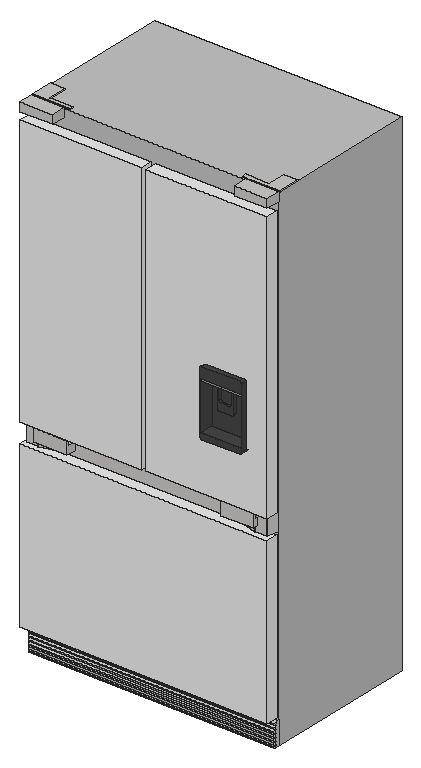
Revit family "FP_Revit_18_RS90AU1_Fridge_90001177A", category Specialty Equipment, Revit 2018
Family settings
  Round Connector Dimension = Use Diameter
  Part Type = Normal
  OmniClass Number = 23.40.40.11.11.17
  OmniClass Title = Refrigerator-Freezer
  Work Plane-Based = No
  Always vertical = Yes
  Cut with Voids When Loaded = Yes
  Shared = No
  Room Calculation Point = No
Parameters
  Visibility - Water Dispenser = yes
  Visibility - Visibility Control Note = yes
  Visibility - Clearance Required = yes
  URL = "www.fisherpaykel.com"
  Stainless Steel Door Panels (RD90AU) = no
  Product - Width = 906 mm  # constant formula
  Product - Height = 1798 mm  # constant formula
  Product - Depth = 604 mm  # constant formula
  Model = "RS90AU1"
  Material - Trim = Fisher & Paykel - Stainless Steel
  Material - Rollers and Feet = Fisher & Paykel - Black
  Material - Door Structure = Fisher & Paykel - White
  Material - Door Front = Fisher & Paykel - Stainless Steel
  Material - Connections = Fisher & Paykel - Black
  Material - Body = Fisher & Paykel - Grey
  Manufacturer = "Fisher & Paykel Appliances"
  Handle Style - Contemporary Square Fine Black (AHD5RD90AB) = no
  Handle Style - Contemporary Square Fine (AHD5RD90A) = no
  Handle Style - Contemporary Square (RS90A) = no
  Handle Style - Contemporary Round (25329 AHS-ASBI-A) = no
  Description = "90cm Integrated French Door Refrigerator Freezer, Ice & Water"
  Connector Description - Water = "13mm (1/2\") or 19mm (3/4\") BSP threaded water connection 6.35mm LLDPE tubing"
  Connector Description - Electrical = "230 V, 10 A, fused electrical supply"
  Chassis - Width = 890 mm  # constant formula
  Chassis - Height = 1788 mm  # constant formula
  Chassis - Depth = 561.4 mm  # constant formula
  Cavity - Width = 914 mm  # constant formula
  Cavity - Height = 1800 mm  # constant formula
  Cavity - Depth = 650 mm  # constant formula
Reference planes
  plane 1 "Center (Front/Back)": y = 0
  plane 2: z = 0
  plane 3 "Center (Left/Right)": x = 0
  plane 4 "Product LHS": x = -453
  plane 5 "Product RHS": x = 453
  plane 6 "Cavity - Depth": y = 650
  plane 7 "Cavity LHS": x = -457
  plane 8 "Cavity RHS": x = 457
  plane 9 "Product - Depth": y = 622
  plane 10 "Product Height": z = 1798
  plane 11 "Cavity Height": z = 1800
  plane 12 "Datum": y = 18
Forms (mm)
  Extrusion 1, solid, material "Fisher & Paykel - Grey" <- "Material - Body"
    sketch origin (0, 0, 0) x (0, 1, 0) y (0, 0, 1)
      loop
        line (68.89, 6.6) -> (622, 6.6) -> (622, 1794.6) -> (68.89, 1794.6) -> (68.89, 6.6)
    from -445 to 445
  Extrusion 2, void
    sketch origin (-955, 0, 0) x (1, 0, 0) y (0, 0, 1)
      loop
        arc (1180.35, 1186.03) -> (1174.693, 1183.687) -> (1172.35, 1178.03) r 8
        line (1172.35, 1178.03) -> (1172.35, 958.43)
        arc (1172.35, 958.43) -> (1174.693, 952.773) -> (1180.35, 950.43) r 8
        line (1180.35, 950.43) -> (1314.85, 950.43)
        arc (1314.85, 950.43) -> (1320.507, 952.773) -> (1322.85, 958.43) r 8
        line (1322.85, 958.43) -> (1322.85, 1178.03)
        arc (1322.85, 1178.03) -> (1320.507, 1183.687) -> (1314.85, 1186.03) r 8
        line (1314.85, 1186.03) -> (1180.35, 1186.03)
    from -54.957 to 0
  Extrusion 3, solid, material "Fisher & Paykel - Black" <- "Material - Rollers and Feet"
    sketch origin (0, 0, -4) x (0, 1, 0) y (0, 0, 1)
      loop
        arc (120.09, 10.6) -> (136.133, 4) -> (152.177, 10.6) r 22.8
        line (152.177, 10.6) -> (120.09, 10.6)
      loop
        arc (555.39, 10.6) -> (571.433, 4) -> (587.477, 10.6) r 22.8
        line (587.477, 10.6) -> (555.39, 10.6)
    from 402 to 429
  Extrusion 4, solid, material "Fisher & Paykel - Clearance Required", visible <- "Visibility - Clearance Required", detail levels coarse
    sketch origin (0, 0, 0) x (0, 1, 0) y (0, 0, 1)
      loop
        line (-0.043, 696.43) -> (-359.921, 696.43) -> (-359.921, 631.801) -> (-401.921, 631.801) -> (-401.921, 615.801) -> (-359.921, 615.801) -> (-359.921, 100.03) -> (-0.043, 100.03) -> (-0.043, 696.43)
    from -453 to 453
  Extrusion 5, solid, material "Fisher & Paykel - White" <- "Material - Door Structure"
    sketch origin (0, 0, 0) x (1, 0, 0) y (0, 0, 1)
      loop
        line (-7.74, 1737.6) -> (-445, 1737.6) -> (-445, 763.6) -> (-7.74, 763.6) -> (-7.74, 1737.6)
      loop
        line (7.74, 1737.6) -> (7.74, 763.6) -> (445, 763.6) -> (445, 1737.6) -> (7.74, 1737.6)
      loop
        line (-445, 693.1) -> (-445, 101.1) -> (445, 101.1) -> (445, 693.1) -> (-445, 693.1)
    from -60.6 to -18
  Extrusion 6, solid, material "Fisher & Paykel - White" <- "Material - Door Structure"
    sketch origin (0, 0, 0) x (1, 0, 0) y (0, 0, 1)
      loop
        line (-434.6, 685.2) -> (-434.6, 109) -> (434.6, 109) -> (434.6, 685.2) -> (-434.6, 685.2)
      loop
        line (-13.88, 776) -> (-13.88, 1722.7) -> (-434.58, 1722.7) -> (-434.58, 776) -> (-13.88, 776)
      loop
        line (13.88, 776) -> (434.58, 776) -> (434.58, 1722.7) -> (13.88, 1722.7) -> (13.88, 776)
    from -68.89 to -60.552
  Extrusion 7, solid, material "Fisher & Paykel - Stainless Steel" <- "Material - Trim"
    sketch origin (0, -2, 0) x (1, 0, 0) y (0, 1, 0)
      loop
        line (-441.5, 70.89) -> (-434.782, 36.328)
        arc (-434.782, 36.328) -> (-433.745, 34.585) -> (-431.837, 33.9) r 3
        line (-431.837, 33.9) -> (-393.733, 33.9)
        arc (-393.733, 33.9) -> (-391.738, 34.034) -> (-389.779, 34.431) r 15
        line (-389.779, 34.431) -> (-320.032, 53.491) -> (320.032, 53.491) -> (389.779, 34.431)
        arc (389.779, 34.431) -> (391.738, 34.034) -> (393.733, 33.9) r 15
        line (393.733, 33.9) -> (431.837, 33.9)
        arc (431.837, 33.9) -> (433.745, 34.585) -> (434.782, 36.328) r 3
        line (434.782, 36.328) -> (441.5, 70.89) -> (-441.5, 70.89)
    from 696.967 to 759.03
  Extrusion 8, solid, material "Fisher & Paykel - Stainless Steel" <- "Material - Trim"
    sketch origin (0, -2, 0) x (0, 1, 0) y (0, 0, 1)
      loop
        line (20, 762.6) -> (20, 715.3) -> (70.89, 715.3) -> (70.89, 743.6) -> (25, 743.6) -> (25, 762.6) -> (20, 762.6)
    from 276.67 to 395
  Extrusion 9, solid, material "Fisher & Paykel - Stainless Steel" <- "Material - Trim"
    sketch origin (0, -2, 0) x (0, 1, 0) y (0, 0, -1)
      loop
        line (20, -762.6) -> (25, -762.6) -> (25, -743.6) -> (70.89, -743.6) -> (70.89, -715.3) -> (20, -715.3) -> (20, -762.6)
    from 276.67 to 395
  Extrusion 10, solid, material "Fisher & Paykel - Stainless Steel" <- "Material - Trim"
    sketch origin (0, 0, 0) x (1, 0, 0) y (0, 1, 0)
      loop
        line (-327.17, 18) -> (-327.17, 68.89) -> (-445, 68.89) -> (-445, 18) -> (-327.17, 18)
      loop
        line (445, 18) -> (445, 68.89) -> (327.17, 68.89) -> (327.17, 18) -> (445, 18)
    from 1765.6 to 1797.6
  Extrusion 11, solid, material "Fisher & Paykel - Stainless Steel" <- "Material - Trim", detail levels fine
    sketch origin (0, 0, 0) x (1, 0, 0) y (0, 1, 0)
      loop
        line (-445, 154.61) -> (-445, 73.11) -> (-311.45, 73.11) -> (-311.45, 88.11) -> (-394, 88.11) -> (-394, 154.61) -> (-445, 154.61)
      loop
        line (445, 154.61) -> (394.85, 154.61) -> (394.85, 88.11) -> (311.45, 88.11) -> (311.45, 73.11) -> (445, 73.11) -> (445, 154.61)
    from 1794.6 to 1797.6
  Extrusion 12, solid, material "Fisher & Paykel - Black" <- "Material - Rollers and Feet", detail levels fine
    sketch origin (0, 0, -4) x (0, 1, 0) y (0, 0, -1)
      loop
        line (120.09, -10.6) -> (152.177, -10.6)
        arc (152.177, -10.6) -> (136.133, -4) -> (120.09, -10.6) r 22.8
      loop
        line (555.39, -10.6) -> (587.477, -10.6)
        arc (587.477, -10.6) -> (571.433, -4) -> (555.39, -10.6) r 22.8
    from 402 to 429
  Extrusion 13, solid, material "Fisher & Paykel - Stainless Steel" <- "Material - Trim", detail levels fine
    sketch origin (0, -2, 0) x (0, 1, 0) y (0, 0, 1)
      loop
        line (24.91, 101.1) -> (24.91, 94.1) -> (50.15, 94.1) -> (50.15, 101.1) -> (24.91, 101.1)
    from -20.67 to 20.7
  Extrusion 14, solid, material "Fisher & Paykel - Stainless Steel" <- "Material - Trim", detail levels fine
    sketch origin (0, -2, 0) x (0, 1, 0) y (0, 0, 1)
      loop
        line (70.89, 90.613) -> (53.491, 85.951) -> (53.491, 81.639) -> (61.43, 81.639) -> (61.43, 75.465) -> (53.491, 73.338) -> (53.491, 69.031) -> (61.43, 69.031) -> (61.43, 62.857) -> (53.491, 60.73) -> (53.491, 56.423) -> (61.43, 56.423) -> (61.43, 50.254) -> (53.491, 48.127) -> (53.491, 43.821) -> (61.43, 43.821) -> (61.43, 37.652) -> (53.491, 35.525) -> (53.491, 31.218) -> (61.43, 31.218) -> (61.43, 25.049) -> (53.491, 22.922) -> (53.491, 18.585) -> (61.43, 18.585) -> (61.43, 12.447) -> (53.491, 10.32) -> (53.491, 6.6) -> (70.89, 6.6) -> (70.89, 90.613)
    from -445 to 445
  Extrusion 15, solid, material "Fisher & Paykel - Stainless Steel" <- "Material - Trim", detail levels coarse+medium
    sketch origin (0, -2, 0) x (0, 1, 0) y (0, 0, 1)
      loop
        line (70.89, 90.613) -> (53.491, 85.951) -> (53.491, 6.6) -> (70.89, 6.6) -> (70.89, 90.613)
    from -445 to 445
  Extrusion 16, void
    sketch origin (0, -2000, 0) x (1, 0, 0) y (0, 1, 0)
      loop
        line (-386.5, 2622) -> (-386.5, 2068.89) -> (386.5, 2068.89) -> (386.5, 2622) -> (-386.5, 2622)
    from 6.6 to 56.423
  Extrusion 17, solid, material "Fisher & Paykel - Stainless Steel" <- "Material - Door Front", visible <- "Stainless Steel Door Panels (RD90AU)"
    sketch origin (0, 0, 0) x (1, 0, 0) y (0, 0, 1)
      loop
        line (-453, 696.43) -> (-453, 100.03) -> (453, 100.03) -> (453, 696.43) -> (-453, 696.43)
      loop
        line (-453, 700.43) -> (-2, 700.43) -> (-2, 1796.43) -> (-453, 1796.43) -> (-453, 700.43)
      loop
        line (2, 1796.43) -> (2, 700.43) -> (453, 700.43) -> (453, 1796.43) -> (2, 1796.43)
    from -18 to 0.043
  Extrusion 18, void
    sketch origin (0, -2, 0) x (1, 0, 0) y (0, 1, 0)
      loop
        arc (445, 57.948) -> (443.695, 54.796) -> (440.543, 53.491) r 4.457
        line (440.543, 53.491) -> (445, 53.491) -> (445, 57.948)
      loop
        line (-445, 57.948) -> (-445, 53.491) -> (-440.543, 53.491)
        arc (-440.543, 53.491) -> (-443.695, 54.796) -> (-445, 57.948) r 4.457
    from 6.6 to 100.03
  Extrusion 19, solid, material "Fisher & Paykel - Clearance Required", visible <- "Visibility - Clearance Required", detail levels coarse
    sketch origin (0, 0, 0) x (1, 0, 0) y (0, 1, 0)
      loop
        line (-457, 650) -> (-457, 18) -> (457, 18) -> (457, 650) -> (-457, 650)
    from 0 to 1800
  Extrusion 20, solid, material "Fisher & Paykel - Clearance Required", visible <- "Visibility - Clearance Required", detail levels coarse
    sketch origin (0, 0, 0) x (1, 0, 0) y (0, 1, 0)
      loop
        line (-453, -0.043) -> (-610.872, -338.602) -> (-647.125, -321.697) -> (-653.73, -335.861) -> (-617.477, -352.766) -> (-643.601, -408.788)
        arc (-643.601, -408.788) -> (-210.678, -380.413) -> (-2, -0.043) r 451
        line (-2, -0.043) -> (-453, -0.043)
      loop
        line (453, -0.043) -> (2, -0.043)
        arc (2, -0.043) -> (210.678, -380.413) -> (643.601, -408.788) r 451
        line (643.601, -408.788) -> (617.477, -352.766) -> (653.73, -335.861) -> (647.125, -321.697) -> (610.872, -338.602) -> (453, -0.043)
    from 700.43 to 1800
  Extrusion 21, void
    sketch origin (0, 0, 0) x (1, 0, 0) y (0, 0, 1)
      loop
        line (275, 69.031) -> (275, 200) -> (0, 200) -> (0, 69.031) -> (275, 69.031)
      loop
        circle (225, 135) r 3
      loop
        circle (50, 135) r 3
    from -622 to -620
  Extrusion 22, void
    sketch origin (0, 0, 0) x (1, 0, 0) y (0, 1, 0)
      loop
        line (-457, 650) -> (-457, 0) -> (457, 0) -> (457, 650) -> (-457, 650)
    from 0 to 1800
Cuts and joins
  Extrusion 16, Extrusion 21 cuts Extrusion 1
  Extrusion 2 cuts Extrusion 17
  Extrusion 2 cuts Extrusion 5
  Extrusion 18 cuts Extrusion 14
  Extrusion 18 cuts Extrusion 15
  joined: Extrusion 7, Extrusion 8, Extrusion 9
Lines and regions (mm)
  model lines, style "Fisher & Paykel"
    curve 1: line (-453, 18, 1796.43) -> (-2, 18, 1796.43)
    curve 2: line (-453, 18, 700.43) -> (-453, 18, 1796.43)
    curve 3: line (-2, 18, 700.43) -> (-453, 18, 700.43)
    curve 4: line (-2, 18, 1796.43) -> (-2, 18, 700.43)
    curve 5: line (2, 18, 700.43) -> (453, 18, 700.43)
    curve 6: line (2, 18, 1796.43) -> (2, 18, 700.43)
    curve 7: line (453, 18, 1796.43) -> (2, 18, 1796.43)
    curve 8: line (453, 18, 700.43) -> (453, 18, 1796.43)
    curve 9: line (-453, 18, 696.43) -> (453, 18, 696.43)
    curve 10: line (-453, 18, 100.03) -> (-453, 18, 696.43)
    curve 11: line (453, 18, 100.03) -> (-453, 18, 100.03)
    curve 12: line (453, 18, 696.43) -> (453, 18, 100.03)
Text (mm)
  text "Due to ongoing product development, product details are subject to change without notice. \nPlease always refer to www.fisherpaykel.com for the most current product information. \n© Fisher & Paykel 2020" at (41.04, -527.568, 0), in view "Ref. Level (Plan)"
Dimensions and locks
  equal spacing: plane 4 "Product LHS", plane 3 "Center (Left/Right)", plane 5 "Product RHS"
  "Product - Width": plane 4 "Product LHS" to plane 5 "Product RHS"
  "Cavity - Depth": plane 1 "Center (Front/Back)" to plane 6 "Cavity - Depth"
  equal spacing: plane 7 "Cavity LHS", plane 3 "Center (Left/Right)", plane 8 "Cavity RHS"
  "Cavity - Width": plane 7 "Cavity LHS" to plane 8 "Cavity RHS"
  "Product - Height": level to plane 10 "Product Height"
  "Cavity - Height": plane 11 "Cavity Height" to level
  Extrusion 2 sketch curve to plane 3 "Center (Left/Right)" = 367.85 mm
  Extrusion 2 sketch curve to Extrusion 2 sketch curve = 235.6 mm
  Extrusion 2 sketch curve to level = 950.43 mm
  Extrusion 2 sketch curve to Extrusion 2 sketch curve = 150.5 mm
  "Chassis - Height": Extrusion 1 to Extrusion 1
  nested 1 to Extrusion 1 = 1179.43 mm
  Extrusion 13 to Extrusion 15 = 94.5 mm
  locked: plane 1 "Center (Front/Back)" to plane 12 "Datum" at 18
  "Chassis - Depth": cut or joined group of Extrusion 2, Extrusion 5 to plane 9 "Product - Depth"
  "Product - Depth": plane 9 "Product - Depth" to plane 12 "Datum"
  equal spacing: cut or joined group of Extrusion 1, Extrusion 16, Extrusion 21, plane 3 "Center (Left/Right)", cut or joined group of Extrusion 1, Extrusion 16, Extrusion 21  (x2)
  "Chassis - Width": cut or joined group of Extrusion 1, Extrusion 16, Extrusion 21 to cut or joined group of Extrusion 1, Extrusion 16, Extrusion 21
  aligned and locked: level to plane 2
  aligned and locked: Extrusion 18 to Extrusion 3
  aligned and locked: plane 9 "Product - Depth" to Extrusion 1
  aligned and locked: cut or joined group of Extrusion 1, Extrusion 16, Extrusion 21 to Extrusion 14
  aligned and locked: cut or joined group of Extrusion 1, Extrusion 16, Extrusion 21 to Extrusion 15
  aligned and locked: Extrusion 15 to cut or joined group of Extrusion 1, Extrusion 16, Extrusion 21
  aligned and locked: Extrusion 14 to cut or joined group of Extrusion 1, Extrusion 16, Extrusion 21
  aligned and locked: Extrusion 11 sketch curve to cut or joined group of Extrusion 1, Extrusion 16, Extrusion 21
  aligned and locked: Extrusion 5 sketch curve to cut or joined group of Extrusion 1, Extrusion 16, Extrusion 21  (x2)
  aligned and locked: Extrusion 5 sketch curve to Extrusion 5 sketch curve
  aligned and locked: cut or joined group of Extrusion 1, Extrusion 16, Extrusion 21 to Extrusion 5 sketch curve
  aligned and locked: Extrusion 18 sketch curve to cut or joined group of Extrusion 14, Extrusion 18
  aligned and locked: Extrusion 10 to Extrusion 18 sketch curve
  aligned and locked: Extrusion 18 sketch curve to Extrusion 10
  aligned and locked: plane 9 "Product - Depth" to Extrusion 21
Automatic sketch dimensions
  Extrusion 1 sketch curve to plane 9 "Product - Depth" = 0 mm
  level to Extrusion 1 sketch curve = 6.6 mm
  Extrusion 1 sketch curve to plane 12 "Datum" = 50.89 mm
  plane 10 "Product Height" to Extrusion 1 sketch curve = 3.4 mm
  Extrusion 2 sketch curve to Extrusion 2 sketch curve = 8 mm  (x4)
  level to Extrusion 3 sketch curve = 6.6 mm  (x2)
  Extrusion 3 sketch curve to plane 12 "Datum" = 102.09 mm
  Extrusion 3 sketch curve to Extrusion 3 sketch curve = 16.044 mm  (x2)
  Extrusion 3 sketch curve to plane 9 "Product - Depth" = 66.61 mm
  level to Extrusion 3 sketch curve = 22.8 mm  (x2)
  plane 1 "Center (Front/Back)" to Extrusion 4 sketch curve = 401.921 mm
  Extrusion 4 sketch curve to Extrusion 4 sketch curve = 42 mm
  level to Extrusion 4 sketch curve = 100.03 mm
  plane 1 "Center (Front/Back)" to Extrusion 4 sketch curve = 359.921 mm
  plane 1 "Center (Front/Back)" to Extrusion 4 sketch curve = 0.043 mm
  Extrusion 4 sketch curve to Extrusion 4 sketch curve = 515.771 mm
  Extrusion 4 sketch curve to Extrusion 4 sketch curve = 16 mm
  Extrusion 4 sketch curve to Extrusion 4 sketch curve = 64.629 mm
  Extrusion 5 sketch curve to plane 3 "Center (Left/Right)" = 7.74 mm
  plane 3 "Center (Left/Right)" to Extrusion 5 sketch curve = 7.74 mm
  level to Extrusion 5 sketch curve = 101.1 mm
  Extrusion 5 sketch curve to Extrusion 5 sketch curve = 592 mm
  Extrusion 5 sketch curve to Extrusion 5 sketch curve = 70.5 mm
  Extrusion 5 sketch curve to Extrusion 5 sketch curve = 0 mm
  plane 10 "Product Height" to Extrusion 5 sketch curve = 60.4 mm  (x2)
  Extrusion 6 sketch curve to plane 4 "Product LHS" = 18.4 mm
  Extrusion 6 sketch curve to plane 4 "Product LHS" = 18.42 mm
  Extrusion 6 sketch curve to plane 3 "Center (Left/Right)" = 13.88 mm
  plane 3 "Center (Left/Right)" to Extrusion 6 sketch curve = 13.88 mm
  plane 5 "Product RHS" to Extrusion 6 sketch curve = 18.42 mm
  plane 5 "Product RHS" to Extrusion 6 sketch curve = 18.4 mm
  level to Extrusion 6 sketch curve = 109 mm
  Extrusion 6 sketch curve to Extrusion 6 sketch curve = 576.2 mm
  Extrusion 6 sketch curve to Extrusion 6 sketch curve = 90.8 mm
  Extrusion 6 sketch curve to Extrusion 6 sketch curve = 0 mm  (x2)
  plane 10 "Product Height" to Extrusion 6 sketch curve = 75.3 mm
  Extrusion 7 sketch curve to plane 4 "Product LHS" = 11.5 mm
  Extrusion 7 sketch curve to plane 4 "Product LHS" = 18.218 mm
  Extrusion 7 sketch curve to Extrusion 7 sketch curve = 2.945 mm  (x2)
  Extrusion 7 sketch curve to plane 12 "Datum" = 13.9 mm
  Extrusion 7 sketch curve to Extrusion 7 sketch curve = 38.104 mm
  Extrusion 7 sketch curve to plane 12 "Datum" = 14.431 mm  (x2)
  Extrusion 7 sketch curve to Extrusion 7 sketch curve = 3.954 mm  (x2)
  Extrusion 7 sketch curve to plane 12 "Datum" = 33.491 mm
  Extrusion 7 sketch curve to Extrusion 7 sketch curve = 69.747 mm
  plane 5 "Product RHS" to Extrusion 7 sketch curve = 132.968 mm
  plane 5 "Product RHS" to Extrusion 7 sketch curve = 63.221 mm
  plane 5 "Product RHS" to Extrusion 7 sketch curve = 21.163 mm
  plane 5 "Product RHS" to Extrusion 7 sketch curve = 11.5 mm
  Extrusion 7 sketch curve to plane 1 "Center (Front/Back)" = 31.9 mm
  Extrusion 7 sketch curve to Extrusion 7 sketch curve = 2.428 mm  (x2)
  Extrusion 7 sketch curve to Extrusion 7 sketch curve = 34.562 mm
  Extrusion 8 sketch curve to plane 12 "Datum" = 0 mm
  Extrusion 8 sketch curve to Extrusion 8 sketch curve = 5 mm
  Extrusion 8 sketch curve to Extrusion 8 sketch curve = 50.89 mm
  level to Extrusion 8 sketch curve = 715.3 mm
  Extrusion 8 sketch curve to Extrusion 8 sketch curve = 28.3 mm
  Extrusion 8 sketch curve to Extrusion 8 sketch curve = 19 mm
  Extrusion 9 sketch curve to plane 12 "Datum" = 0 mm
  Extrusion 9 sketch curve to Extrusion 9 sketch curve = 5 mm
  Extrusion 9 sketch curve to Extrusion 9 sketch curve = 50.89 mm
  level to Extrusion 9 sketch curve = 762.6 mm
  Extrusion 9 sketch curve to Extrusion 9 sketch curve = 19 mm
  Extrusion 9 sketch curve to Extrusion 9 sketch curve = 28.3 mm
  plane 12 "Datum" to Extrusion 10 sketch curve = 0 mm  (x2)
  Extrusion 10 sketch curve to plane 4 "Product LHS" = 8 mm
  Extrusion 10 sketch curve to plane 12 "Datum" = 50.89 mm  (x2)
  Extrusion 10 sketch curve to Extrusion 10 sketch curve = 117.83 mm
  plane 5 "Product RHS" to Extrusion 10 sketch curve = 125.83 mm
  plane 5 "Product RHS" to Extrusion 10 sketch curve = 8 mm
  Extrusion 11 sketch curve to Extrusion 11 sketch curve = 51 mm
  Extrusion 11 sketch curve to Extrusion 11 sketch curve = 82.55 mm
  Extrusion 11 sketch curve to plane 12 "Datum" = 55.11 mm  (x2)
  plane 5 "Product RHS" to Extrusion 11 sketch curve = 141.55 mm
  plane 5 "Product RHS" to Extrusion 11 sketch curve = 58.15 mm
  plane 5 "Product RHS" to Extrusion 11 sketch curve = 8 mm
  Extrusion 11 sketch curve to Extrusion 11 sketch curve = 15 mm  (x2)
  Extrusion 11 sketch curve to Extrusion 11 sketch curve = 66.5 mm  (x2)
  level to Extrusion 12 sketch curve = 6.6 mm  (x2)
  Extrusion 12 sketch curve to plane 12 "Datum" = 102.09 mm
  Extrusion 12 sketch curve to Extrusion 12 sketch curve = 16.044 mm  (x2)
  Extrusion 12 sketch curve to plane 9 "Product - Depth" = 66.61 mm
  level to Extrusion 12 sketch curve = 22.8 mm  (x2)
  Extrusion 13 sketch curve to plane 12 "Datum" = 4.91 mm
  Extrusion 13 sketch curve to Extrusion 13 sketch curve = 25.24 mm
  level to Extrusion 13 sketch curve = 94.1 mm
  Extrusion 13 sketch curve to Extrusion 13 sketch curve = 7 mm
  Extrusion 14 sketch curve to plane 12 "Datum" = 33.491 mm  (x3)
  level to Extrusion 14 sketch curve = 6.6 mm
  Extrusion 14 sketch curve to Extrusion 14 sketch curve = 0 mm  (x8)
  Extrusion 14 sketch curve to Extrusion 14 sketch curve = 7.939 mm  (x2)
  Extrusion 14 sketch curve to Extrusion 14 sketch curve = 9.46 mm
  Extrusion 14 sketch curve to Extrusion 14 sketch curve = 3.72 mm
  Extrusion 14 sketch curve to Extrusion 14 sketch curve = 2.127 mm
  Extrusion 14 sketch curve to Extrusion 14 sketch curve = 8.266 mm
  Extrusion 14 sketch curve to Extrusion 14 sketch curve = 4.337 mm
  Extrusion 14 sketch curve to Extrusion 14 sketch curve = 6.464 mm
  Extrusion 14 sketch curve to Extrusion 14 sketch curve = 6.169 mm  (x3)
  Extrusion 14 sketch curve to Extrusion 14 sketch curve = 4.306 mm  (x4)
  Extrusion 14 sketch curve to Extrusion 14 sketch curve = 6.433 mm  (x4)
  Extrusion 14 sketch curve to Extrusion 14 sketch curve = 6.175 mm  (x2)
  Extrusion 14 sketch curve to Extrusion 14 sketch curve = 4.312 mm
  Extrusion 14 sketch curve to Extrusion 14 sketch curve = 8.974 mm
  Extrusion 15 sketch curve to plane 12 "Datum" = 33.491 mm
  level to Extrusion 15 sketch curve = 6.6 mm
  Extrusion 15 sketch curve to Extrusion 15 sketch curve = 17.399 mm
  Extrusion 15 sketch curve to Extrusion 15 sketch curve = 79.351 mm
  Extrusion 15 sketch curve to Extrusion 15 sketch curve = 4.662 mm
  Extrusion 16 sketch curve to plane 9 "Product - Depth" = 0 mm
  Extrusion 16 sketch curve to plane 4 "Product LHS" = 66.5 mm
  plane 5 "Product RHS" to Extrusion 16 sketch curve = 66.5 mm
  Extrusion 16 sketch curve to plane 12 "Datum" = 50.89 mm
  plane 4 "Product LHS" to Extrusion 17 sketch curve = 0 mm  (x2)
  plane 5 "Product RHS" to Extrusion 17 sketch curve = 0 mm  (x2)
  Extrusion 17 sketch curve to plane 3 "Center (Left/Right)" = 2 mm
  plane 3 "Center (Left/Right)" to Extrusion 17 sketch curve = 2 mm
  level to Extrusion 17 sketch curve = 100.03 mm
  Extrusion 17 sketch curve to Extrusion 17 sketch curve = 596.4 mm
  Extrusion 17 sketch curve to Extrusion 17 sketch curve = 4 mm
  Extrusion 17 sketch curve to Extrusion 17 sketch curve = 0 mm
  plane 10 "Product Height" to Extrusion 17 sketch curve = 1.57 mm  (x2)
  Extrusion 18 sketch curve to Extrusion 18 sketch curve = 4.457 mm  (x2)
  Extrusion 18 sketch curve to plane 12 "Datum" = 33.491 mm
  Extrusion 19 sketch curve to plane 7 "Cavity LHS" = 0 mm
  Extrusion 19 sketch curve to plane 8 "Cavity RHS" = 0 mm
  plane 12 "Datum" to Extrusion 19 sketch curve = 0 mm
  plane 6 "Cavity - Depth" to Extrusion 19 sketch curve = 0 mm
  Extrusion 20 sketch curve to plane 4 "Product LHS" = 0 mm  (x2)
  Extrusion 20 sketch curve to plane 5 "Product RHS" = 0 mm  (x2)
  plane 7 "Cavity LHS" to Extrusion 20 sketch curve = 153.872 mm
  Extrusion 20 sketch curve to Extrusion 20 sketch curve = 6.605 mm  (x3)
  Extrusion 20 sketch curve to Extrusion 20 sketch curve = 26.124 mm
  Extrusion 20 sketch curve to Extrusion 20 sketch curve = 36.252 mm  (x2)
  plane 1 "Center (Front/Back)" to Extrusion 20 sketch curve = 0.043 mm  (x2)
  Extrusion 20 sketch curve to plane 3 "Center (Left/Right)" = 2 mm
  plane 3 "Center (Left/Right)" to Extrusion 20 sketch curve = 2 mm
  Extrusion 20 sketch curve to plane 8 "Cavity RHS" = 153.872 mm
  plane 1 "Center (Front/Back)" to Extrusion 20 sketch curve = 408.788 mm
  plane 1 "Center (Front/Back)" to Extrusion 20 sketch curve = 335.861 mm
  Extrusion 21 sketch curve to plane 3 "Center (Left/Right)" = 0 mm
  plane 3 "Center (Left/Right)" to Extrusion 21 sketch curve = 50 mm
  Extrusion 21 sketch curve to Extrusion 21 sketch curve = 175 mm
  Extrusion 21 sketch curve to Extrusion 21 sketch curve = 50 mm
  level to Extrusion 21 sketch curve = 69.031 mm
  Extrusion 21 sketch curve to Extrusion 21 sketch curve = 65.969 mm  (x2)
  Extrusion 21 sketch curve to Extrusion 21 sketch curve = 65 mm
  Extrusion 22 sketch curve to plane 7 "Cavity LHS" = 0 mm
  Extrusion 22 sketch curve to plane 8 "Cavity RHS" = 0 mm
  plane 12 "Datum" to Extrusion 22 sketch curve = 18 mm
  plane 6 "Cavity - Depth" to Extrusion 22 sketch curve = 0 mm
  plane 4 "Product LHS" to curve 1 = 0 mm
  plane 5 "Product RHS" to curve 8 = 0 mm
  plane 4 "Product LHS" to curve 9 = 0 mm
  plane 5 "Product RHS" to curve 9 = 0 mm
  plane 10 "Product Height" to curve 1 = 1.57 mm
  plane 10 "Product Height" to curve 8 = 1.57 mm
  level to curve 5 = 700.43 mm
  curve 4 to plane 3 "Center (Left/Right)" = 2 mm
  curve 4 to curve 5 = 0 mm
  curve 2 to curve 9 = 4 mm
  level to curve 11 = 100.03 mm
  plane 3 "Center (Left/Right)" to curve 7 = 2 mm
  radius of Extrusion 21 sketch curve = 3 mm  (x2)
Nested families
  nested 1: "F&P Water Dispenser" at (292.6, 0, 950.43), visible <- "Visibility - Water Dispenser", type "F&P Water Dispenser"
  nested 2: "F&P Handle Kit - Contemporary Square - Horizontal" at (0, 0, 623.802), visible <- "Handle Style - Contemporary Square (RS90A)", type "RS90A - Contemporary square handle (2 of 2) (Horizontal) 746mm"
  nested 3: "F&P Handle Kit - Contemporary Square - Vertical" at (67.3, 0, 1128.5), visible <- "Handle Style - Contemporary Square (RS90A)", type "RS90A - Contemporary square handle (1 of 2) (Vertical) 727mm"
  nested 4: "F&P Handle Kit - Contemporary Square - Vertical" at (-67.3, 0, 1128.5), visible <- "Handle Style - Contemporary Square (RS90A)", type "RS90A - Contemporary square handle (1 of 2) (Vertical) 727mm"
  nested 5: "Comment Marker 2D" at (0, 95.815, 0), visible <- "Visibility - Visibility Control Note", type "Active"
  nested 6: "F&P Handle Kit - Contemporary Round - Horizontal" at (0, -0.043, 623.78), visible <- "Handle Style - Contemporary Round (25329 AHS-ASBI-A)", type "25329 AHS-ASBI-A - Contemporary round handle (2 of 2) (Horizontal) 746mm"
  nested 7: "F&P Handle Kit - Contemporary Round - Vertical" at (-67.3, -0.043, 1128.5), visible <- "Handle Style - Contemporary Round (25329 AHS-ASBI-A)", type "25329 AHS-ASBI-A - Contemporary round handle (1 of 2) (Vertical) 727mm"
  nested 8: "F&P Handle Kit - Contemporary Square Fine - Horizontal" at (0, -0.043, 623.78), visible <- "Handle Style - Contemporary Square Fine (AHD5RD90A)", type "AHD5RD90A - Contemporary square fine handle (2 of 2) (Horizontal) 746mm"
  nested 9: "F&P Handle Kit - Contemporary Square Fine - Horizontal" at (0, -0.043, 623.78), visible <- "Handle Style - Contemporary Square Fine Black (AHD5RD90AB)", type "AHD5RD90AB - Contemporary square fine black handle (2 of 2) (Horizontal) 746mm"
  nested 10: "F&P Handle Kit - Contemporary Square Fine - Vertical" at (-67.3, -0.043, 1128.5), visible <- "Handle Style - Contemporary Square Fine (AHD5RD90A)", type "AHD5RD90A - Contemporary square fine handle (1 of 2) (Vertical) 727mm"
  nested 11: "F&P Handle Kit - Contemporary Square Fine - Vertical" at (-67.3, -0.043, 1128.5), visible <- "Handle Style - Contemporary Square Fine Black (AHD5RD90AB)", type "AHD5RD90AB - Contemporary square fine black handle (1 of 2) (Vertical) 727mm"
  nested 12: "F&P Handle Kit - Contemporary Round - Vertical" at (67.3, -0.043, 1128.5), visible <- "Handle Style - Contemporary Round (25329 AHS-ASBI-A)", type "25329 AHS-ASBI-A - Contemporary round handle (1 of 2) (Vertical) 727mm"
  nested 13: "F&P Handle Kit - Contemporary Square Fine - Vertical" at (67.3, -0.043, 1128.5), visible <- "Handle Style - Contemporary Square Fine (AHD5RD90A)", type "AHD5RD90A - Contemporary square fine handle (1 of 2) (Vertical) 727mm"
  nested 14: "F&P Handle Kit - Contemporary Square Fine - Vertical" at (67.3, -0.043, 1128.5), visible <- "Handle Style - Contemporary Square Fine Black (AHD5RD90AB)", type "AHD5RD90AB - Contemporary square fine black handle (1 of 2) (Vertical) 727mm"
Connectors
  electrical at (50, 622, 135), driven by "Connector Description - Electrical"
    settings: on cut or joined group of Extrusion 1, Extrusion 16, Extrusion 21, index 1, voltage 230 V, apparent load 0 VA, apparent load phase1 0 VA, apparent load phase2 0 VA, apparent load phase3 0 VA, power factor 1, load classification "Other", number of poles 1, system type 30, power factor state 1, is connector primary yes, connector utility no, sub classification motor no, connector description "230 V, 10 A, fused electrical supply"
  piping at (225, 622, 135), diameter 6, driven by "Connector Description - Water"
    settings: on cut or joined group of Extrusion 1, Extrusion 16, Extrusion 21, index 2, connector inside diameter 609.6 mm, connector length 0 mm, flow factor 0, pipe flow 0.0 L/s, pressure drop 0.0 Pa, fitting loss kfactor 0, connector angle 0.00°, fixture units 0, engagement length 0 mm, angle of deflection 0.00°, flow configuration 0, flow direction 1, fitting loss method 0, system type 20, joint type 0, gender type 0, connector reference index -1, connector utility 0, adjustable connector no, is connector primary yes, connector description "13mm (1/2\") or 19mm (3/4\") BSP threaded water connection 6.35mm LLDPE tubing"
Definition of nested family "F&P Water Dispenser"
  Parameters (values of type "F&P Water Dispenser")
    URL = "www.fisherpaykel.com"
    Material - Trim = none
    Material - Body = none
    Manufacturer = "Fisher & Paykel Appliances"
    Connector Description - Water = ""
    Connector Description - Electrical = ""
  Reference planes
    plane 1 "Center (Front/Back)": y = 0
    plane 2: z = 0
    plane 3 "Center (Left/Right)": x = 0
  Forms (mm)
    Extrusion 1, solid, material <- "Material - Body"
      sketch origin (0, 0, 0) x (1, 0, 0) y (0, 0, 1)
        loop
          arc (-67.25, 235.6) -> (-72.907, 233.257) -> (-75.25, 227.6) r 8
          line (-75.25, 227.6) -> (-75.25, 8)
          arc (-75.25, 8) -> (-72.907, 2.343) -> (-67.25, 0) r 8
          line (-67.25, 0) -> (67.25, 0)
          arc (67.25, 0) -> (72.907, 2.343) -> (75.25, 8) r 8
          line (75.25, 8) -> (75.25, 227.609)
          arc (75.25, 227.609) -> (72.909, 233.259) -> (67.259, 235.6) r 7.991
          line (67.259, 235.6) -> (-67.25, 235.6)
        loop
          line (-74.25, 192.6) -> (-74.25, 20) -> (74.25, 20) -> (74.25, 192.6) -> (-74.25, 192.6)
      from -55 to 0
    Extrusion 2, solid, material <- "Material - Trim", detail levels fine
      sketch origin (0, 0, 0) x (1, 0, 0) y (0, 0, 1)
        loop
          line (-74.25, 192.6) -> (-74.25, 187.1) -> (74.25, 187.1) -> (74.25, 192.6) -> (-74.25, 192.6)
      from -55 to 0
    Extrusion 3, solid, material <- "Material - Body"
      sketch origin (0, 0, 0) x (1, 0, 0) y (0, 0, 1)
        loop
          line (-74.25, 187.1) -> (-74.25, 20) -> (74.25, 20) -> (74.25, 187.1) -> (-74.25, 187.1)
      from -55 to -50
    Extrusion 4, solid, material <- "Material - Body", detail levels fine
      sketch origin (0, 0, 0) x (1, 0, 0) y (0, 0, 1)
        loop
          line (-30, 187.1) -> (-30, 105.1)
          arc (-30, 105.1) -> (-27.657, 99.443) -> (-22, 97.1) r 8
          line (-22, 97.1) -> (22, 97.1)
          arc (22, 97.1) -> (27.657, 99.443) -> (30, 105.1) r 8
          line (30, 105.1) -> (30, 187.1) -> (23.5, 187.1) -> (23.5, 134.1)
          arc (23.5, 134.1) -> (21.157, 128.443) -> (15.5, 126.1) r 8
          line (15.5, 126.1) -> (-15.5, 126.1)
          arc (-15.5, 126.1) -> (-21.157, 128.443) -> (-23.5, 134.1) r 8
          line (-23.5, 134.1) -> (-23.5, 187.1) -> (-30, 187.1)
      from -27.6 to -21.6
    Extrusion 5, solid, material <- "Material - Body", detail levels fine
      sketch origin (0, 0, 0) x (1, 0, 0) y (0, 1, 0)
        loop
          circle (0, 24.6) r 7.5
      from 179.1 to 187.1
  Dimensions and locks
    aligned and locked: level to plane 2
Definition of nested family "F&P Handle Kit - Contemporary Square - Horizontal"
  Parameters (values of type "RS90A - Contemporary square handle (2 of 2) (Horizontal) 746mm")
    URL = "www.fisherpaykel.com"
    Material - Handle = none
    Manufacturer = "Fisher & Paykel Appliances"
    Handle - Length = 746 mm
  Types (9, lengths in mm): name | Handle - Length
    (no name) | 746
    AHD3RD2484W - Contemporary square handle (2 of 2) (Horizontal) 494mm | 494
    AHD3RD3084W - Contemporary square handle (2 of 2) (Horizontal) 646mm | 646
    AHD3RS3272A - Contemporary square handle (2 of 2) (Horizontal) 646mm | 646
    AHD3RS80A - Contemporary square handle (2 of 2) (Horizontal) 646mm | 646
    AHD3RD6121W - Contemporary square handle (2 of 2) (Horizontal) 494mm | 494
    AHD3RD7621W - Contemporary square handle (2 of 2) (Horizontal) 646mm | 646
    RS36A - Contemporary square handle (2 of 2) (Horizontal) 746mm | 746
    RS90A - Contemporary square handle (2 of 2) (Horizontal) 746mm | 746
  Reference planes
    plane 1 "Center (Front/Back)": y = 0
    plane 2: z = 0
    plane 3 "Center (Left/Right)": x = 0
    plane 4 "Product LHS": x = -373
    plane 5 "Product RHS": x = 373
    plane 6 "LHS Standoff": x = -252.995
    plane 7 "RHS Standoff": x = 253.005
  Forms (mm)
    Extrusion 1, solid, material <- "Material - Handle", detail levels fine
      sketch origin (0, 0, 0) x (0, 1, 0) y (0, 0, 1)
        loop
          arc (-28.701, 7.561) -> (-29.057, 7.868) -> (-29.514, 7.978) r 1
          line (-29.514, 7.978) -> (-40.5, 7.978)
          arc (-40.5, 7.978) -> (-41.561, 7.539) -> (-42, 6.478) r 1.5
          line (-42, 6.478) -> (-42, -6.522)
          arc (-42, -6.522) -> (-41.561, -7.583) -> (-40.5, -8.022) r 1.5
          line (-40.5, -8.022) -> (-29.487, -8.022)
          arc (-29.487, -8.022) -> (-29.029, -7.911) -> (-28.673, -7.602) r 1
          arc (-28.673, -7.602) -> (-26.256, -0.016) -> (-28.701, 7.561) r 13.038
      from -373 to 373
    Extrusion 2, solid, material <- "Material - Handle", detail levels fine
      sketch origin (0, 0, 0) x (0, 1, 0) y (0, 0, 1)
        loop
          arc (-28.23, 7.062) -> (-26.156, 0.008) -> (-28.198, -7.056) r 13.136
          arc (-28.198, -7.056) -> (-28.21, -7.463) -> (-27.86, -7.67) r 0.4
          line (-27.86, -7.67) -> (0, -7.67) -> (0, 7.678) -> (-27.893, 7.678)
          arc (-27.893, 7.678) -> (-28.244, 7.47) -> (-28.23, 7.062) r 0.4
      from 253.005 to 373
    Extrusion 3, solid, material <- "Material - Handle", detail levels fine
      sketch origin (0, 0, 0) x (0, 1, 0) y (0, 0, -1)
        loop
          arc (-28.23, -7.062) -> (-28.244, -7.47) -> (-27.893, -7.678) r 0.4
          line (-27.893, -7.678) -> (0, -7.678) -> (0, 7.67) -> (-27.86, 7.67)
          arc (-27.86, 7.67) -> (-28.21, 7.463) -> (-28.198, 7.056) r 0.4
          arc (-28.198, 7.056) -> (-26.156, -0.008) -> (-28.23, -7.062) r 13.136
      from 252.995 to 373
    Sweep 4, void
      path in 3D
        loop
          line (373, -29.514, 7.978) -> (373, -40.5, 7.978)
          arc (373, -40.5, 7.978) -> (373, -41.561, 7.539) -> (373, -42, 6.478) r 1.5
          line (373, -42, 6.478) -> (373, -42, -6.522)
          arc (373, -42, -6.522) -> (373, -41.561, -7.583) -> (373, -40.5, -8.022) r 1.5
          line (373, -40.5, -8.022) -> (373, -29.487, -8.022)
      profile origin (373, -35.007, 7.978) x (1, 0, 0) y (0, 0, 1)
        loop
          line (0, 0) -> (-1.3, 0) -> (0, -1.3) -> (0, 0)
    Sweep 5, void
      path in 3D
        loop
          line (-373, -29.487, -8.022) -> (-373, -40.5, -8.022)
          arc (-373, -40.5, -8.022) -> (-373, -41.561, -7.583) -> (-373, -42, -6.522) r 1.5
          line (-373, -42, -6.522) -> (-373, -42, 6.478)
          arc (-373, -42, 6.478) -> (-373, -41.561, 7.539) -> (-373, -40.5, 7.978) r 1.5
          line (-373, -40.5, 7.978) -> (-373, -29.514, 7.978)
      profile origin (-373, -35.007, 7.978) x (-1, 0, 0) y (0, 0, 1)
        loop
          line (0, 0) -> (-1.3, 0) -> (0, -1.3) -> (0, 0)
    Extrusion 6, void
      sketch origin (0, 0, 0) x (1, 0, 0) y (0, 0, 1)
        loop
          line (373, 7.978) -> (371.7, 7.978) -> (373, 6.678) -> (373, 7.978)
        loop
          line (373, -8.022) -> (373, -6.722) -> (371.7, -8.022) -> (373, -8.022)
      from 0 to 40
    Extrusion 7, void
      sketch origin (0, 0, 0) x (1, 0, 0) y (0, 0, 1)
        loop
          line (-373, 7.978) -> (-373, 6.678) -> (-371.7, 7.978) -> (-373, 7.978)
        loop
          line (-373, -8.022) -> (-371.7, -8.022) -> (-373, -6.722) -> (-373, -8.022)
      from 0 to 40
    Extrusion 8, solid, material <- "Material - Handle", detail levels coarse+medium
      sketch origin (0, 0, 0) x (1, 0, 0) y (0, 1, 0)
        loop
          line (-373, -42) -> (373, -42) -> (373, 0) -> (253.005, 0) -> (253.005, -26.156) -> (-252.995, -26.156) -> (-252.995, 0) -> (-373, 0) -> (-373, -42)
      from -8.022 to 7.978
  Cuts and joins
    Sweep 4, Sweep 5, Extrusion 6, Extrusion 7 cuts Extrusion 1
    Extrusion 6 cuts Extrusion 2
    Extrusion 7 cuts Extrusion 3
  Lines and regions (mm)
    sketch lines
      curve 1: line (373, -29.514, 7.978) -> (373, -40.5, 7.978)
      curve 2: arc (373, -42, 6.478) -> (373, -41.561, 7.539) -> (373, -40.5, 7.978) r 1.5
      curve 3: line (373, -42, 6.478) -> (373, -42, -6.522)
      curve 4: arc (373, -40.5, -8.022) -> (373, -41.561, -7.583) -> (373, -42, -6.522) r 1.5
      curve 5: line (373, -40.5, -8.022) -> (373, -29.487, -8.022)
      curve 6: line (-373, -40.5, 7.978) -> (-373, -29.514, 7.978)
      curve 7: arc (-373, -40.5, 7.978) -> (-373, -41.561, 7.539) -> (-373, -42, 6.478) r 1.5
      curve 8: line (-373, -42, -6.522) -> (-373, -42, 6.478)
      curve 9: arc (-373, -42, -6.522) -> (-373, -41.561, -7.583) -> (-373, -40.5, -8.022) r 1.5
      curve 10: line (-373, -29.487, -8.022) -> (-373, -40.5, -8.022)
  Dimensions and locks
    equal spacing: plane 4 "Product LHS", plane 3 "Center (Left/Right)", plane 5 "Product RHS"
    "Handle - Length": plane 4 "Product LHS" to plane 5 "Product RHS"
    locked: plane 4 "Product LHS" to plane 6 "LHS Standoff" at 120.005
    locked: plane 7 "RHS Standoff" to plane 5 "Product RHS" at 119.995
    aligned and locked: level to plane 2
    aligned and locked: Extrusion 1 to plane 5 "Product RHS"
    aligned and locked: plane 4 "Product LHS" to Extrusion 1
    aligned and locked: Extrusion 2 to plane 5 "Product RHS"
    aligned and locked: plane 4 "Product LHS" to Extrusion 3
    aligned and locked: plane 4 "Product LHS" to Extrusion 8 sketch curve
    aligned and locked: Extrusion 8 sketch curve to plane 5 "Product RHS"
    aligned and locked: Extrusion 8 sketch curve to plane 7 "RHS Standoff"
    aligned and locked: plane 6 "LHS Standoff" to Extrusion 8 sketch curve
    aligned and locked: Extrusion 2 to plane 7 "RHS Standoff"
    aligned and locked: plane 6 "LHS Standoff" to Extrusion 3
  Automatic sketch dimensions
    Extrusion 1 sketch curve to level = 6.522 mm
    plane 1 "Center (Front/Back)" to Extrusion 1 sketch curve = 42 mm
    Extrusion 1 sketch curve to Extrusion 1 sketch curve = 1.5 mm  (x2)
    Extrusion 1 sketch curve to level = 0.04 mm
    Extrusion 1 sketch curve to Extrusion 1 sketch curve = 1.206 mm
    level to Extrusion 1 sketch curve = 6.978 mm
    Extrusion 1 sketch curve to Extrusion 1 sketch curve = 10.986 mm
    Extrusion 1 sketch curve to Extrusion 1 sketch curve = 11.013 mm
    Extrusion 1 sketch curve to Extrusion 1 sketch curve = 1 mm
    level to Extrusion 1 sketch curve = 6.478 mm
    Extrusion 1 sketch curve to Extrusion 1 sketch curve = 0 mm
    Extrusion 2 sketch curve to plane 1 "Center (Front/Back)" = 0 mm
    Extrusion 2 sketch curve to level = 7.67 mm
    Extrusion 2 sketch curve to Extrusion 2 sketch curve = 27.86 mm
    level to Extrusion 2 sketch curve = 7.678 mm
    Extrusion 2 sketch curve to Extrusion 2 sketch curve = 0.033 mm
    Extrusion 2 sketch curve to level = 0.022 mm
    Extrusion 2 sketch curve to Extrusion 2 sketch curve = 11.398 mm
    Extrusion 2 sketch curve to Extrusion 2 sketch curve = 0.4 mm  (x2)
    Extrusion 2 sketch curve to Extrusion 2 sketch curve = 0 mm
    Extrusion 3 sketch curve to plane 1 "Center (Front/Back)" = 0 mm
    Extrusion 3 sketch curve to level = 7.67 mm
    Extrusion 3 sketch curve to Extrusion 3 sketch curve = 27.86 mm
    level to Extrusion 3 sketch curve = 7.678 mm
    Extrusion 3 sketch curve to Extrusion 3 sketch curve = 0.033 mm
    Extrusion 3 sketch curve to level = 0.022 mm
    Extrusion 3 sketch curve to Extrusion 3 sketch curve = 11.398 mm
    Extrusion 3 sketch curve to Extrusion 3 sketch curve = 0.4 mm  (x2)
    Extrusion 3 sketch curve to Extrusion 3 sketch curve = 0 mm
    profile plane to Sweep 4 sketch curve = 0 mm
    Sweep 4 sketch curve to profile plane = 0 mm
    Sweep 4 sketch curve to profile plane = 1.3 mm
    profile plane to Sweep 4 sketch curve = 1.3 mm
    Sweep 5 sketch curve to profile plane = 0 mm  (x2)
    profile plane to Sweep 5 sketch curve = 1.3 mm
    Sweep 5 sketch curve to profile plane = 1.3 mm
    plane 5 "Product RHS" to Extrusion 6 sketch curve = 0 mm  (x2)
    Extrusion 6 sketch curve to Extrusion 6 sketch curve = 1.3 mm  (x4)
    Extrusion 6 sketch curve to level = 6.722 mm
    level to Extrusion 6 sketch curve = 6.678 mm
    plane 4 "Product LHS" to Extrusion 7 sketch curve = 0 mm  (x2)
    Extrusion 7 sketch curve to plane 4 "Product LHS" = 1.3 mm  (x2)
    Extrusion 7 sketch curve to level = 8.022 mm
    level to Extrusion 7 sketch curve = 6.678 mm
    Extrusion 7 sketch curve to Extrusion 7 sketch curve = 1.3 mm  (x2)
    plane 1 "Center (Front/Back)" to Extrusion 8 sketch curve = 0 mm  (x2)
    Extrusion 8 sketch curve to Extrusion 8 sketch curve = 26.156 mm
    Extrusion 8 sketch curve to Extrusion 8 sketch curve = 42 mm
Definition of nested family "F&P Handle Kit - Contemporary Square - Vertical"
  Parameters (values of type "RS90A - Contemporary square handle (1 of 2) (Vertical) 727mm")
    URL = "www.fisherpaykel.com"
    Material - Handle = none
    Manufacturer = "Fisher & Paykel Appliances"
    Handle - Length = 727 mm
  Types (11, lengths in mm): name | Handle - Length
    (no name) | 727
    AHD3-RD21 - Contemporary square handle (Vertical) 852mm | 852
    AHD3RD2484W - Contemporary square handle (1 of 2) (Vertical) 727mm | 727
    AHD3RD3084W - Contemporary square handle (1 of 2) (Vertical) 727mm | 727
    AHD3-RD84 - Contemporary square handle (Vertical) 852mm | 852
    AHD3RS3272A - Contemporary square handle (1 of 2) (Vertical) 727mm | 727
    AHD3RS80A - Contemporary square handle (1 of 2) (Vertical) 727mm | 727
    AHD3RD6121W - Contemporary square handle (1 of 2) (Vertical) 727mm | 727
    AHD3RD7621W - Contemporary square handle (1 of 2) (Vertical) 727mm | 727
    RS36A - Contemporary square handle (1 of 2) (Vertical) 727mm | 727
    RS90A - Contemporary square handle (1 of 2) (Vertical) 727mm | 727
  Reference planes
    plane 1 "Center (Front/Back)": y = 0
    plane 2: z = 0
    plane 3 "Center (Left/Right)": x = 0
    plane 4 "Top": z = 363.5
    plane 5 "Bottom": z = -363.5
    plane 6 "Top Standoff": z = 243.5
    plane 7 "Bottom Standoff": z = -243.5
  Forms (mm)
    Extrusion 1, solid, material <- "Material - Handle", detail levels fine
      sketch origin (0, 0, 0) x (1, 0, 0) y (0, 1, 0)
        loop
          arc (-7.583, -28.701) -> (-7.89, -29.057) -> (-8, -29.514) r 1
          line (-8, -29.514) -> (-8, -40.5)
          arc (-8, -40.5) -> (-7.561, -41.561) -> (-6.5, -42) r 1.5
          line (-6.5, -42) -> (6.5, -42)
          arc (6.5, -42) -> (7.561, -41.561) -> (8, -40.5) r 1.5
          line (8, -40.5) -> (8, -29.487)
          arc (8, -29.487) -> (7.889, -29.029) -> (7.58, -28.673) r 1
          arc (7.58, -28.673) -> (-0.006, -26.256) -> (-7.583, -28.701) r 13.038
      from -363.5 to 363.5
    Extrusion 2, solid, material <- "Material - Handle", detail levels fine
      sketch origin (0, 0, 0) x (1, 0, 0) y (0, 1, 0)
        loop
          arc (7.058, -28.23) -> (7.466, -28.244) -> (7.674, -27.893) r 0.4
          line (7.674, -27.893) -> (7.674, 0) -> (-7.674, 0) -> (-7.674, -27.86)
          arc (-7.674, -27.86) -> (-7.467, -28.21) -> (-7.06, -28.198) r 0.4
          arc (-7.06, -28.198) -> (0.004, -26.156) -> (7.058, -28.23) r 13.136
      from 243.5 to 363.5
    Extrusion 3, solid, material <- "Material - Handle", detail levels fine
      sketch origin (0, 0, 0) x (1, 0, 0) y (0, 1, 0)
        loop
          arc (7.058, -28.23) -> (7.466, -28.244) -> (7.674, -27.893) r 0.4
          line (7.674, -27.893) -> (7.674, 0) -> (-7.674, 0) -> (-7.674, -27.86)
          arc (-7.674, -27.86) -> (-7.467, -28.21) -> (-7.06, -28.198) r 0.4
          arc (-7.06, -28.198) -> (0.004, -26.156) -> (7.058, -28.23) r 13.136
      from -363.5 to -243.5
    Sweep 4, void
      path in 3D
        loop
          line (-8, -29.514, 363.5) -> (-8, -40.5, 363.5)
          arc (-8, -40.5, 363.5) -> (-7.561, -41.561, 363.5) -> (-6.5, -42, 363.5) r 1.5
          line (-6.5, -42, 363.5) -> (6.5, -42, 363.5)
          arc (6.5, -42, 363.5) -> (7.561, -41.561, 363.5) -> (8, -40.5, 363.5) r 1.5
          line (8, -40.5, 363.5) -> (8, -29.487, 363.5)
      profile origin (8, -34.994, 363.5) x (-1, 0, 0) y (0, 0, 1)
        loop
          line (0, 0) -> (0, -1.3) -> (1.3, 0) -> (0, 0)
    Sweep 5, void
      path in 3D
        loop
          line (8, -29.487, -363.5) -> (8, -40.5, -363.5)
          arc (8, -40.5, -363.5) -> (7.561, -41.561, -363.5) -> (6.5, -42, -363.5) r 1.5
          line (6.5, -42, -363.5) -> (-6.5, -42, -363.5)
          arc (-6.5, -42, -363.5) -> (-7.561, -41.561, -363.5) -> (-8, -40.5, -363.5) r 1.5
          line (-8, -40.5, -363.5) -> (-8, -29.514, -363.5)
      profile origin (8, -34.994, -363.5) x (-1, 0, 0) y (0, 0, -1)
        loop
          line (0, 0) -> (0, -1.3) -> (1.3, 0) -> (0, 0)
    Extrusion 6, void
      sketch origin (0, 0, 0) x (1, 0, 0) y (0, 0, 1)
        loop
          line (-8, -362.2) -> (-8, -363.5) -> (-6.7, -363.5) -> (-8, -362.2)
        loop
          line (8, -362.2) -> (6.7, -363.5) -> (8, -363.5) -> (8, -362.2)
      from 0 to 40
    Extrusion 7, void
      sketch origin (0, 0, 0) x (1, 0, 0) y (0, 0, 1)
        loop
          line (-8, 363.5) -> (-8, 362.2) -> (-6.7, 363.5) -> (-8, 363.5)
        loop
          line (8, 363.5) -> (6.7, 363.5) -> (8, 362.2) -> (8, 363.5)
      from 0 to 40
    Extrusion 8, solid, material <- "Material - Handle", detail levels coarse+medium
      sketch origin (0, 0, 0) x (0, 1, 0) y (0, 0, 1)
        loop
          line (0, 363.5) -> (-42, 363.5) -> (-42, -363.5) -> (0, -363.5) -> (0, -243.5) -> (-26.245, -243.5) -> (-26.245, 243.5) -> (0, 243.5) -> (0, 363.5)
      from -8 to 8
  Cuts and joins
    Sweep 4, Sweep 5, Extrusion 6, Extrusion 7 cuts Extrusion 1
    Extrusion 6 cuts Extrusion 3
    Extrusion 7 cuts Extrusion 2
  Lines and regions (mm)
    sketch lines
      curve 1: line (8, -40.5, 363.5) -> (8, -29.487, 363.5)
      curve 2: arc (8, -40.5, 363.5) -> (7.561, -41.561, 363.5) -> (6.5, -42, 363.5) r 1.5
      curve 3: line (-6.5, -42, 363.5) -> (6.5, -42, 363.5)
      curve 4: arc (-6.5, -42, 363.5) -> (-7.561, -41.561, 363.5) -> (-8, -40.5, 363.5) r 1.5
      curve 5: line (-8, -29.514, 363.5) -> (-8, -40.5, 363.5)
      curve 6: line (8, -29.487, -363.5) -> (8, -40.5, -363.5)
      curve 7: arc (6.5, -42, -363.5) -> (7.561, -41.561, -363.5) -> (8, -40.5, -363.5) r 1.5
      curve 8: line (6.5, -42, -363.5) -> (-6.5, -42, -363.5)
      curve 9: arc (-8, -40.5, -363.5) -> (-7.561, -41.561, -363.5) -> (-6.5, -42, -363.5) r 1.5
      curve 10: line (-8, -40.5, -363.5) -> (-8, -29.514, -363.5)
  Dimensions and locks
    equal spacing: plane 4 "Top", level, plane 5 "Bottom"
    "Handle - Length": plane 4 "Top" to plane 5 "Bottom"
    locked: plane 4 "Top" to plane 6 "Top Standoff" at 120
    locked: plane 7 "Bottom Standoff" to plane 5 "Bottom" at 120
    aligned and locked: level to plane 2
    aligned and locked: plane 4 "Top" to Extrusion 2
    aligned and locked: Extrusion 2 to plane 6 "Top Standoff"
    aligned and locked: plane 4 "Top" to Extrusion 1
    aligned and locked: Extrusion 1 to plane 5 "Bottom"
    aligned and locked: Extrusion 3 to plane 5 "Bottom"
    aligned and locked: plane 7 "Bottom Standoff" to Extrusion 3
    aligned and locked: plane 4 "Top" to Extrusion 8 sketch curve
    aligned and locked: plane 6 "Top Standoff" to Extrusion 8 sketch curve
    aligned and locked: plane 7 "Bottom Standoff" to Extrusion 8 sketch curve
    aligned and locked: plane 5 "Bottom" to Extrusion 8 sketch curve
    aligned and locked: plane 1 "Center (Front/Back)" to Extrusion 8 sketch curve  (x2)
  Automatic sketch dimensions
    Extrusion 1 sketch curve to plane 3 "Center (Left/Right)" = 8 mm
    Extrusion 1 sketch curve to Extrusion 1 sketch curve = 1 mm  (x2)
    Extrusion 1 sketch curve to Extrusion 1 sketch curve = 1.5 mm
    plane 3 "Center (Left/Right)" to Extrusion 1 sketch curve = 0.018 mm
    plane 3 "Center (Left/Right)" to Extrusion 1 sketch curve = 6.5 mm
    plane 3 "Center (Left/Right)" to Extrusion 1 sketch curve = 7 mm
    plane 1 "Center (Front/Back)" to Extrusion 1 sketch curve = 42 mm
    Extrusion 1 sketch curve to Extrusion 1 sketch curve = 1.206 mm
    Extrusion 1 sketch curve to Extrusion 1 sketch curve = 10.986 mm
    Extrusion 1 sketch curve to Extrusion 1 sketch curve = 11.013 mm
    Extrusion 1 sketch curve to Extrusion 1 sketch curve = 0 mm
    plane 1 "Center (Front/Back)" to Extrusion 2 sketch curve = 0 mm
    Extrusion 2 sketch curve to plane 3 "Center (Left/Right)" = 7.674 mm
    Extrusion 2 sketch curve to Extrusion 2 sketch curve = 0.4 mm  (x2)
    Extrusion 2 sketch curve to plane 3 "Center (Left/Right)" = 0.026 mm
    plane 3 "Center (Left/Right)" to Extrusion 2 sketch curve = 7.274 mm
    plane 1 "Center (Front/Back)" to Extrusion 2 sketch curve = 27.86 mm
    Extrusion 2 sketch curve to Extrusion 2 sketch curve = 0.033 mm
    Extrusion 2 sketch curve to Extrusion 2 sketch curve = 11.398 mm
    Extrusion 2 sketch curve to Extrusion 2 sketch curve = 0 mm
    plane 1 "Center (Front/Back)" to Extrusion 3 sketch curve = 0 mm
    Extrusion 3 sketch curve to Extrusion 3 sketch curve = 0.4 mm  (x2)
    Extrusion 3 sketch curve to Extrusion 3 sketch curve = 7.248 mm
    Extrusion 3 sketch curve to Extrusion 3 sketch curve = 7.3 mm
    plane 1 "Center (Front/Back)" to Extrusion 3 sketch curve = 27.86 mm
    Extrusion 3 sketch curve to Extrusion 3 sketch curve = 0.033 mm
    Extrusion 3 sketch curve to Extrusion 3 sketch curve = 11.398 mm
    Extrusion 3 sketch curve to Extrusion 3 sketch curve = 0 mm
    Sweep 4 sketch curve to profile plane = 0 mm  (x2)
    Sweep 4 sketch curve to profile plane = 1.3 mm  (x2)
    Sweep 5 sketch curve to profile plane = 0 mm  (x2)
    Sweep 5 sketch curve to profile plane = 1.3 mm  (x2)
    Extrusion 6 sketch curve to plane 5 "Bottom" = 0 mm  (x2)
    plane 5 "Bottom" to Extrusion 6 sketch curve = 1.3 mm  (x2)
    Extrusion 6 sketch curve to plane 3 "Center (Left/Right)" = 8 mm
    Extrusion 6 sketch curve to Extrusion 6 sketch curve = 1.3 mm  (x2)
    plane 3 "Center (Left/Right)" to Extrusion 6 sketch curve = 8 mm
    Extrusion 7 sketch curve to plane 4 "Top" = 0 mm  (x2)
    Extrusion 7 sketch curve to plane 3 "Center (Left/Right)" = 8 mm
    Extrusion 7 sketch curve to Extrusion 7 sketch curve = 1.3 mm  (x2)
    plane 3 "Center (Left/Right)" to Extrusion 7 sketch curve = 8 mm
    Extrusion 7 sketch curve to plane 4 "Top" = 1.3 mm  (x2)
    plane 1 "Center (Front/Back)" to Extrusion 8 sketch curve = 26.245 mm
    plane 1 "Center (Front/Back)" to Extrusion 8 sketch curve = 42 mm
    Extrusion 3 sketch curve to plane 3 "Center (Left/Right)" = 7.674 mm
Definition of nested family "F&P Handle Kit - Contemporary Round - Horizontal"
  Parameters (values of type "25374 AHS-ASBI-A - Contemporary round handle (2 of 2) (Horizontal) 746mm")
    URL = "www.fisherpaykel.com"
    Product - Width = 746 mm
    Model = ""
    Material - Handle = none
    Manufacturer = "Fisher & Paykel Appliances"
    Description = "Kit for RS36"
  Types (9, lengths in mm): name | Product - Width | Description
    (no name) | 746 | "Kit for RS36"
    AHSRD2484W - Contemporary round handle (2 of 2) (Horizontal) 494mm | 494 | ""
    AHSRD3084W - Contemporary round handle (2 of 2) (Horizontal) 646mm | 646 | ""
    AHSRS3272A - Contemporary round handle (2 of 2) (Horizontal) 646mm | 646 | ""
    AHSRS80A - Contemporary round handle (2 of 2) (Horizontal) 646mm | 646 | ""
    AHSRD6121W - Contemporary round handle (2 of 2) (Horizontal) 494mm | 494 | ""
    AHSRD7621W - Contemporary round handle (2 of 2) (Horizontal) 646mm | 646 | ""
    25374 AHS-ASBI-A - Contemporary round handle (2 of 2) (Horizontal) 746mm | 746 | "Kit for RS36"
    25329 AHS-ASBI-A - Contemporary round handle (2 of 2) (Horizontal) 746mm | 746 | "Kit for RS90"
  Reference planes
    plane 1 "Center (Front/Back)": y = 0
    plane 2: z = 0
    plane 3 "Center (Left/Right)": x = 0
    plane 4 "Product LHS": x = -373
    plane 5 "Product RHS": x = 373
    plane 6 "LHS Standoff": x = -252.995
    plane 7 "RHS Standoff": x = 253.005
  Forms (mm)
    Extrusion 1, solid, material <- "Material - Handle"
      sketch origin (0, 0, 0) x (0, 1, 0) y (0, 0, 1)
        loop
          circle (-32.3, 0) r 8.7
      from -252.995 to 253.005
    Extrusion 2, solid, material <- "Material - Handle", detail levels fine
      sketch origin (0, 0, 0) x (0, 1, 0) y (0, 0, 1)
        loop
          line (0, 8.7) -> (-32.3, 8.7)
          arc (-32.3, 8.7) -> (-41, 0) -> (-32.3, -8.7) r 8.7
          line (-32.3, -8.7) -> (0, -8.7) -> (0, 8.7)
      from 253.005 to 373
    Extrusion 3, solid, material <- "Material - Handle", detail levels fine
      sketch origin (0, 0, 0) x (0, 1, 0) y (0, 0, -1)
        loop
          line (0, -8.7) -> (0, 8.7) -> (-32.3, 8.7)
          arc (-32.3, 8.7) -> (-41, 0) -> (-32.3, -8.7) r 8.7
          line (-32.3, -8.7) -> (0, -8.7)
      from 252.995 to 373
    Sweep 4, void
      path in 3D
        loop
          line (373, 0, 8.7) -> (373, -32.3, 8.7)
          arc (373, -32.3, 8.7) -> (373, -41, 0) -> (373, -32.3, -8.7) r 8.7
          line (373, -32.3, -8.7) -> (373, 0, -8.7)
      profile origin (373, -16.15, 8.7) x (1, 0, 0) y (0, 0, 1)
        loop
          line (0, 0) -> (-1, 0) -> (0, -1) -> (0, 0)
    Sweep 5, void
      path in 3D
        loop
          line (-373, 0, -8.7) -> (-373, -32.3, -8.7)
          arc (-373, -32.3, -8.7) -> (-373, -41, 0) -> (-373, -32.3, 8.7) r 8.7
          line (-373, -32.3, 8.7) -> (-373, 0, 8.7)
      profile origin (-373, -16.15, 8.7) x (-1, 0, 0) y (0, 0, 1)
        loop
          line (0, 0) -> (-1, 0) -> (0, -1) -> (0, 0)
    Extrusion 6, solid, material <- "Material - Handle", detail levels coarse+medium
      sketch origin (0, 0, 0) x (0, 1, 0) y (0, 0, 1)
        loop
          line (0, 8.7) -> (-32.3, 8.7)
          arc (-32.3, 8.7) -> (-41, 0) -> (-32.3, -8.7) r 8.7
          line (-32.3, -8.7) -> (0, -8.7) -> (0, 8.7)
      from 253.005 to 373
    Extrusion 7, solid, material <- "Material - Handle", detail levels coarse+medium
      sketch origin (0, 0, 0) x (0, 1, 0) y (0, 0, -1)
        loop
          line (0, -8.7) -> (0, 8.7) -> (-32.3, 8.7)
          arc (-32.3, 8.7) -> (-41, 0) -> (-32.3, -8.7) r 8.7
          line (-32.3, -8.7) -> (0, -8.7)
      from 252.995 to 373
  Cuts and joins
    Sweep 4 cuts Extrusion 2
    Sweep 5 cuts Extrusion 3
  Lines and regions (mm)
    sketch lines
      curve 1: line (373, 0, 8.7) -> (373, -32.3, 8.7)
      curve 2: arc (373, -32.3, -8.7) -> (373, -41, 0) -> (373, -32.3, 8.7) r 8.7
      curve 3: line (373, -32.3, -8.7) -> (373, 0, -8.7)
      curve 4: line (-373, -32.3, 8.7) -> (-373, 0, 8.7)
